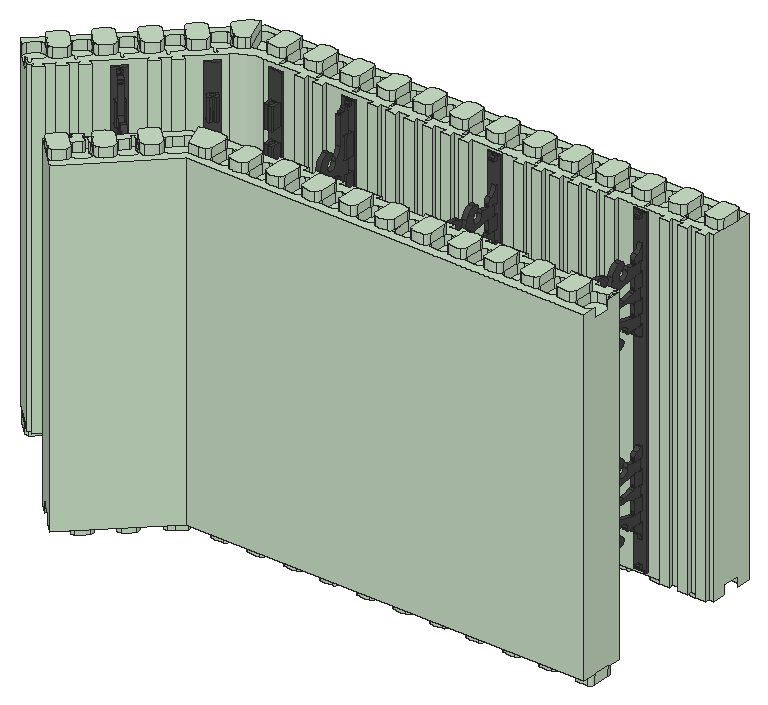
Revit family (continued)
Definition of nested family "NUDURA Logo Diamond Missing Outside Line"
  Lines and regions (mm)
    model lines
      curve 72: line (286.583, 0, 133.632) -> (300.245, 0, 119.97)
      curve 73: line (295.497, 0, 121.125) -> (284.787, 0, 131.836)
      curve 74: line (289.468, 0, 101.626) -> (295.497, 0, 107.655)
      curve 75: line (295.497, 0, 83.025) -> (289.468, 0, 89.054)
      curve 76: line (289.468, 0, 63.526) -> (295.497, 0, 69.555)
      curve 77: line (295.497, 0, 44.925) -> (289.468, 0, 50.954)
      curve 78: line (289.468, 0, 25.426) -> (295.497, 0, 31.455)
      curve 79: line (298.449, 0, 3.874) -> (289.468, 0, 12.854)
      curve 80: line (300.245, 0, 5.67) -> (291.265, 0, 14.65)
      curve 81: line (318.205, 0, 14.65) -> (309.225, 0, 5.67)
      curve 82: line (309.225, 0, 32.611) -> (318.205, 0, 23.63)
      curve 83: line (291.265, 0, 23.63) -> (300.245, 0, 32.611)
      curve 84: arc (289.468, 0, 12.854) -> (286.865, 0, 19.14) -> (289.468, 0, 25.426) r 8.89
      curve 85: arc (298.449, 0, 3.874) -> (304.735, 0, 1.27) -> (311.021, 0, 3.874) r 8.89
      curve 86: arc (291.265, 0, 14.65) -> (289.405, 0, 19.14) -> (291.265, 0, 23.63) r 6.35
      curve 87: arc (318.205, 0, 14.65) -> (320.065, 0, 19.14) -> (318.205, 0, 23.63) r 6.35
      curve 88: arc (309.225, 0, 32.611) -> (304.735, 0, 34.471) -> (300.245, 0, 32.611) r 6.35
      curve 89: arc (300.245, 0, 5.67) -> (304.735, 0, 3.81) -> (309.225, 0, 5.67) r 6.35
      curve 90: arc (320.001, 0, 12.854) -> (322.605, 0, 19.14) -> (320.001, 0, 25.426) r 8.89
      curve 91: arc (295.497, 0, 31.455) -> (298.287, 0, 38.19) -> (295.497, 0, 44.925) r 9.525
      curve 92: arc (313.973, 0, 31.455) -> (311.183, 0, 38.19) -> (313.973, 0, 44.925) r 9.525
      curve 93: line (313.973, 0, 69.555) -> (320.001, 0, 63.526)
      curve 94: line (289.468, 0, 63.526) -> (295.497, 0, 69.555)
      curve 95: line (300.245, 0, 43.77) -> (291.265, 0, 52.75)
      curve 96: line (318.205, 0, 52.75) -> (309.225, 0, 43.77)
      curve 97: line (309.225, 0, 70.711) -> (318.205, 0, 61.73)
      curve 98: line (291.265, 0, 61.73) -> (300.245, 0, 70.711)
      curve 99: arc (289.468, 0, 50.954) -> (286.865, 0, 57.24) -> (289.468, 0, 63.526) r 8.89
      curve 100: arc (291.265, 0, 52.75) -> (289.405, 0, 57.24) -> (291.265, 0, 61.73) r 6.35
      curve 101: arc (318.205, 0, 52.75) -> (320.065, 0, 57.24) -> (318.205, 0, 61.73) r 6.35
      curve 102: arc (309.225, 0, 70.711) -> (304.735, 0, 72.571) -> (300.245, 0, 70.711) r 6.35
      curve 103: arc (300.245, 0, 43.77) -> (304.735, 0, 41.91) -> (309.225, 0, 43.77) r 6.35
      curve 104: arc (320.001, 0, 50.954) -> (322.605, 0, 57.24) -> (320.001, 0, 63.526) r 8.89
      curve 105: line (295.497, 0, 44.925) -> (289.468, 0, 50.954)
      curve 106: line (320.001, 0, 50.954) -> (313.973, 0, 44.925)
      curve 107: arc (295.497, 0, 69.555) -> (298.287, 0, 76.29) -> (295.497, 0, 83.025) r 9.525
      curve 108: arc (313.973, 0, 69.555) -> (311.183, 0, 76.29) -> (313.973, 0, 83.025) r 9.525
      curve 109: line (313.973, 0, 107.655) -> (320.001, 0, 101.626)
      curve 110: line (289.468, 0, 101.626) -> (295.497, 0, 107.655)
      curve 111: line (300.245, 0, 81.87) -> (291.265, 0, 90.85)
      curve 112: line (318.205, 0, 90.85) -> (309.225, 0, 81.87)
      curve 113: line (309.225, 0, 108.811) -> (318.205, 0, 99.83)
      curve 114: line (291.265, 0, 99.83) -> (300.245, 0, 108.811)
      curve 115: arc (289.468, 0, 89.054) -> (286.865, 0, 95.34) -> (289.468, 0, 101.626) r 8.89
      curve 116: arc (291.265, 0, 90.85) -> (289.405, 0, 95.34) -> (291.265, 0, 99.83) r 6.35
      curve 117: arc (318.205, 0, 90.85) -> (320.065, 0, 95.34) -> (318.205, 0, 99.83) r 6.35
      curve 118: arc (309.225, 0, 108.811) -> (304.735, 0, 110.671) -> (300.245, 0, 108.811) r 6.35
      curve 119: arc (300.245, 0, 81.87) -> (304.735, 0, 80.01) -> (309.225, 0, 81.87) r 6.35
      curve 120: arc (320.001, 0, 89.054) -> (322.605, 0, 95.34) -> (320.001, 0, 101.626) r 8.89
      curve 121: line (295.497, 0, 83.025) -> (289.468, 0, 89.054)
      curve 122: arc (295.497, 0, 107.655) -> (298.287, 0, 114.39) -> (295.497, 0, 121.125) r 9.525
      curve 123: arc (313.973, 0, 107.655) -> (311.183, 0, 114.39) -> (313.973, 0, 121.125) r 9.525
      curve 124: line (324.683, 0, 131.836) -> (313.973, 0, 121.125)
      curve 125: line (284.787, 0, 131.836) -> (286.583, 0, 133.632)
      curve 126: arc (300.245, 0, 119.97) -> (304.735, 0, 118.11) -> (309.225, 0, 119.97) r 6.35
      curve 127: line (314.26, 0, 317.59) -> (295.21, 0, 317.59)
      curve 128: line (323.785, 0, 149.315) -> (323.785, 0, 308.065)
      curve 129: line (285.685, 0, 308.065) -> (285.685, 0, 149.315)
      curve 130: line (295.21, 0, 139.79) -> (314.26, 0, 139.79)
      curve 131: line (316.797, 0, 304.89) -> (305.798, 0, 311.24)
      curve 132: line (316.797, 0, 292.19) -> (316.797, 0, 304.89)
      curve 133: line (311.298, 0, 289.015) -> (316.797, 0, 292.19)
      curve 134: line (305.373, 0, 292.436) -> (311.298, 0, 289.015)
      curve 135: line (310.447, 0, 295.365) -> (305.373, 0, 292.436)
      curve 136: line (299.874, 0, 307.82) -> (310.447, 0, 301.715)
      curve 137: line (310.447, 0, 301.715) -> (310.447, 0, 295.365)
      curve 138: line (305.798, 0, 311.24) -> (299.874, 0, 307.82)
      curve 139: line (299.023, 0, 295.611) -> (304.097, 0, 298.54)
      curve 140: line (304.097, 0, 298.54) -> (298.172, 0, 301.961)
      curve 141: line (298.172, 0, 301.961) -> (292.673, 0, 298.786)
      curve 142: line (292.673, 0, 298.786) -> (292.673, 0, 286.086)
      curve 143: line (299.023, 0, 289.261) -> (299.023, 0, 295.611)
      curve 144: line (309.596, 0, 283.156) -> (299.023, 0, 289.261)
      curve 145: line (303.671, 0, 279.736) -> (309.596, 0, 283.156)
      curve 146: line (292.673, 0, 286.086) -> (303.671, 0, 279.736)
      curve 147: line (312.702, 0, 269.344) -> (296.768, 0, 272.912)
      curve 148: line (296.768, 0, 272.912) -> (296.768, 0, 267.036)
      curve 149: line (296.768, 0, 267.036) -> (308.089, 0, 264.517)
      curve 150: line (308.089, 0, 264.517) -> (296.768, 0, 260.949)
      curve 151: line (296.768, 0, 260.949) -> (296.768, 0, 251.084)
      curve 152: line (296.768, 0, 251.084) -> (309.138, 0, 248.314)
      curve 153: line (309.138, 0, 248.314) -> (309.138, 0, 247.516)
      curve 154: line (309.138, 0, 247.516) -> (301.281, 0, 248.991)
      curve 155: line (296.768, 0, 245.246) -> (296.768, 0, 237.71)
      curve 156: line (306.598, 0, 222.094) -> (306.598, 0, 228.599)
      curve 157: line (306.598, 0, 228.599) -> (296.768, 0, 230.786)
      curve 158: line (296.768, 0, 230.786) -> (296.768, 0, 215.343)
      curve 159: line (302.723, 0, 230.274) -> (312.702, 0, 228.039)
      curve 160: line (300.341, 0, 217.291) -> (300.341, 0, 223.486)
      curve 161: line (300.341, 0, 223.486) -> (306.598, 0, 222.094)
      curve 162: line (296.768, 0, 205.027) -> (296.768, 0, 197.49)
      curve 163: line (302.723, 0, 190.055) -> (310.162, 0, 188.389)
      curve 164: line (310.162, 0, 188.389) -> (310.162, 0, 176.633)
      curve 165: line (308.892, 0, 175.363) -> (307.868, 0, 175.363)
      curve 166: line (306.598, 0, 176.633) -> (306.598, 0, 180.004)
      curve 167: line (306.598, 0, 180.004) -> (307.868, 0, 179.719)
      curve 168: line (307.868, 0, 179.719) -> (307.868, 0, 186.3)
      curve 169: line (307.868, 0, 186.3) -> (296.768, 0, 188.785)
      curve 170: line (296.768, 0, 188.785) -> (296.768, 0, 182.205)
      curve 171: line (296.768, 0, 182.205) -> (304.058, 0, 180.572)
      curve 172: line (304.058, 0, 180.572) -> (304.058, 0, 177.654)
      curve 173: line (302.788, 0, 176.384) -> (296.768, 0, 176.384)
      curve 174: line (296.768, 0, 176.384) -> (296.768, 0, 164.003)
      curve 175: line (296.768, 0, 164.003) -> (299.284, 0, 162.219)
      curve 176: line (299.284, 0, 162.219) -> (299.284, 0, 153.715)
      curve 177: line (307.942, 0, 156.079) -> (301.824, 0, 160.418)
      curve 178: line (301.824, 0, 160.418) -> (301.824, 0, 154.409)
      curve 179: line (301.824, 0, 154.409) -> (307.942, 0, 156.079)
      curve 180: line (299.284, 0, 153.715) -> (296.768, 0, 153.028)
      curve 181: line (296.768, 0, 153.028) -> (296.768, 0, 146.14)
      curve 182: line (296.768, 0, 146.14) -> (312.702, 0, 150.491)
      curve 183: line (312.702, 0, 150.491) -> (312.702, 0, 159.713)
      curve 184: line (312.702, 0, 159.713) -> (298.767, 0, 169.594)
      curve 185: line (298.767, 0, 169.594) -> (302.342, 0, 169.594)
      curve 186: line (312.702, 0, 172.383) -> (312.702, 0, 193.945)
      curve 187: line (312.702, 0, 193.945) -> (302.326, 0, 196.268)
      curve 188: line (300.341, 0, 198.747) -> (300.341, 0, 201.381)
      curve 189: line (301.888, 0, 202.62) -> (312.702, 0, 200.199)
      curve 190: line (312.702, 0, 200.199) -> (312.702, 0, 206.628)
      curve 191: line (312.702, 0, 206.628) -> (306.843, 0, 207.728)
      curve 192: line (312.702, 0, 212.942) -> (312.702, 0, 227.241)
      curve 193: line (312.702, 0, 227.241) -> (309.138, 0, 228.034)
      curve 194: line (309.138, 0, 228.034) -> (309.138, 0, 217.291)
      curve 195: line (312.702, 0, 228.039) -> (312.702, 0, 234.164)
      curve 196: line (312.702, 0, 234.164) -> (302.326, 0, 236.488)
      curve 197: line (300.341, 0, 238.966) -> (300.341, 0, 241.6)
      curve 198: line (301.736, 0, 242.874) -> (312.702, 0, 240.418)
      curve 199: line (312.702, 0, 240.418) -> (312.702, 0, 253.611)
      curve 200: line (312.702, 0, 253.611) -> (302.429, 0, 255.912)
      curve 201: line (302.429, 0, 255.912) -> (312.702, 0, 259.27)
      curve 202: line (312.702, 0, 259.27) -> (312.702, 0, 269.344)
      curve 203: arc (296.768, 0, 245.246) -> (298.145, 0, 248.178) -> (301.281, 0, 248.991) r 3.81
      curve 204: arc (296.768, 0, 237.71) -> (298.44, 0, 232.946) -> (302.723, 0, 230.274) r 7.62
      curve 205: arc (300.842, 0, 208.826) -> (297.87, 0, 211.5) -> (296.768, 0, 215.343) r 7.251
      curve 206: arc (296.768, 0, 205.027) -> (297.979, 0, 207.812) -> (300.842, 0, 208.826) r 3.808
      curve 207: arc (296.768, 0, 197.49) -> (298.44, 0, 192.727) -> (302.723, 0, 190.055) r 7.62
      curve 208: arc (300.341, 0, 198.747) -> (300.898, 0, 197.159) -> (302.326, 0, 196.268) r 2.54
      curve 209: arc (300.341, 0, 201.381) -> (300.817, 0, 202.372) -> (301.888, 0, 202.62) r 1.27
      curve 210: arc (307.868, 0, 175.363) -> (306.969, 0, 175.735) -> (306.598, 0, 176.633) r 1.27
      curve 211: arc (308.892, 0, 175.363) -> (309.79, 0, 175.735) -> (310.162, 0, 176.633) r 1.27
      curve 212: arc (304.058, 0, 177.654) -> (303.686, 0, 176.756) -> (302.788, 0, 176.384) r 1.27
      curve 213: arc (302.342, 0, 169.594) -> (303.976, 0, 170.198) -> (304.826, 0, 171.718) r 2.516
      curve 214: arc (304.826, 0, 171.718) -> (309.07, 0, 168.432) -> (312.702, 0, 172.383) r 3.966
      curve 215: arc (306.843, 0, 207.728) -> (310.942, 0, 209.02) -> (312.702, 0, 212.942) r 5.249
      curve 216: arc (300.341, 0, 217.291) -> (304.739, 0, 212.893) -> (309.138, 0, 217.291) r 4.398
      curve 217: arc (300.341, 0, 238.966) -> (300.898, 0, 237.378) -> (302.326, 0, 236.488) r 2.54
      curve 218: arc (300.341, 0, 241.6) -> (300.886, 0, 242.648) -> (302.057, 0, 242.802) r 1.279
      curve 219: arc (285.685, 0, 308.065) -> (288.475, 0, 314.8) -> (295.21, 0, 317.59) r 9.525
      curve 220: arc (314.26, 0, 317.59) -> (320.995, 0, 314.8) -> (323.785, 0, 308.065) r 9.525
      curve 221: arc (285.685, 0, 149.315) -> (288.475, 0, 142.58) -> (295.21, 0, 139.79) r 9.525
      curve 222: arc (314.26, 0, 139.79) -> (320.995, 0, 142.58) -> (323.785, 0, 149.315) r 9.525
      curve 223: line (253.935, 0, 457.2) -> (253.935, 0, 0)
      curve 224: line (355.535, 0, 457.2) -> (355.535, 0, 0)
Definition of nested family "NUDURA Diamond Pattern Missing Two Lines"
  Reference planes
    plane 1 "Center (Front/Back)": y = 0
    plane 2: z = 0
    plane 3 "Center (Left/Right)": x = 0
    plane 4: z = 457.2
  Lines and regions (mm)
    model lines
      curve 1: line (50.8, -142.875, 457.2) -> (50.8, -142.875, 0)
      curve 2: line (85.183, -142.875, 431.415) -> (93.906, -142.875, 422.692)
      curve 3: arc (85.183, -142.875, 444.885) -> (82.394, -142.875, 438.15) -> (85.183, -142.875, 431.415) r 9.525
      curve 4: line (94.708, -142.875, 454.41) -> (85.183, -142.875, 444.885)
      curve 5: arc (108.179, -142.875, 454.41) -> (101.444, -142.875, 457.2) -> (94.708, -142.875, 454.41) r 9.525
      curve 6: line (117.704, -142.875, 444.885) -> (108.179, -142.875, 454.41)
      curve 7: arc (117.704, -142.875, 431.415) -> (120.494, -142.875, 438.15) -> (117.704, -142.875, 444.885) r 9.525
      curve 8: line (108.981, -142.875, 422.692) -> (117.704, -142.875, 431.415)
      curve 9: arc (105.934, -142.875, 452.165) -> (101.444, -142.875, 454.025) -> (96.953, -142.875, 452.165) r 6.35
      curve 10: line (115.459, -142.875, 442.64) -> (105.934, -142.875, 452.165)
      curve 11: arc (115.459, -142.875, 433.66) -> (117.319, -142.875, 438.15) -> (115.459, -142.875, 442.64) r 6.35
      curve 12: line (105.934, -142.875, 424.135) -> (115.459, -142.875, 433.66)
      curve 13: arc (96.953, -142.875, 424.135) -> (101.444, -142.875, 422.275) -> (105.934, -142.875, 424.135) r 6.35
      curve 14: line (87.428, -142.875, 433.66) -> (96.953, -142.875, 424.135)
      curve 15: arc (87.428, -142.875, 442.64) -> (85.569, -142.875, 438.15) -> (87.428, -142.875, 433.66) r 6.35
      curve 16: line (96.953, -142.875, 452.165) -> (87.428, -142.875, 442.64)
      curve 17: arc (93.906, -142.875, 415.508) -> (95.394, -142.875, 419.1) -> (93.906, -142.875, 422.692) r 5.08
      curve 18: line (117.704, -142.875, 406.785) -> (108.981, -142.875, 415.508)
      curve 19: arc (117.704, -142.875, 393.315) -> (120.494, -142.875, 400.05) -> (117.704, -142.875, 406.785) r 9.525
      curve 20: line (108.981, -142.875, 384.592) -> (117.704, -142.875, 393.315)
      curve 21: line (85.183, -142.875, 393.315) -> (93.906, -142.875, 384.592)
      curve 22: arc (85.183, -142.875, 406.785) -> (82.394, -142.875, 400.05) -> (85.183, -142.875, 393.315) r 9.525
      curve 23: line (93.906, -142.875, 415.508) -> (85.183, -142.875, 406.785)
      curve 24: arc (105.934, -142.875, 414.065) -> (101.444, -142.875, 415.925) -> (96.953, -142.875, 414.065) r 6.35
      curve 25: line (96.953, -142.875, 414.065) -> (87.428, -142.875, 404.54)
      curve 26: arc (87.428, -142.875, 404.54) -> (85.569, -142.875, 400.05) -> (87.428, -142.875, 395.56) r 6.35
      curve 27: line (87.428, -142.875, 395.56) -> (96.953, -142.875, 386.035)
      curve 28: arc (96.953, -142.875, 386.035) -> (101.444, -142.875, 384.175) -> (105.934, -142.875, 386.035) r 6.35
      curve 29: line (105.934, -142.875, 386.035) -> (115.459, -142.875, 395.56)
      curve 30: arc (115.459, -142.875, 395.56) -> (117.319, -142.875, 400.05) -> (115.459, -142.875, 404.54) r 6.35
      curve 31: line (115.459, -142.875, 404.54) -> (105.934, -142.875, 414.065)
      curve 32: arc (93.906, -142.875, 377.408) -> (95.394, -142.875, 381) -> (93.906, -142.875, 384.592) r 5.08
      curve 33: line (117.704, -142.875, 368.685) -> (108.981, -142.875, 377.408)
      curve 34: arc (117.704, -142.875, 355.215) -> (120.494, -142.875, 361.95) -> (117.704, -142.875, 368.685) r 9.525
      curve 35: line (108.981, -142.875, 346.492) -> (117.704, -142.875, 355.215)
      curve 36: line (85.183, -142.875, 355.215) -> (93.906, -142.875, 346.492)
      curve 37: arc (85.183, -142.875, 368.685) -> (82.394, -142.875, 361.95) -> (85.183, -142.875, 355.215) r 9.525
      curve 38: line (93.906, -142.875, 377.408) -> (85.183, -142.875, 368.685)
      curve 39: arc (105.934, -142.875, 375.965) -> (101.444, -142.875, 377.825) -> (96.953, -142.875, 375.965) r 6.35
      curve 40: line (96.953, -142.875, 375.965) -> (87.428, -142.875, 366.44)
      curve 41: arc (87.428, -142.875, 366.44) -> (85.569, -142.875, 361.95) -> (87.428, -142.875, 357.46) r 6.35
      curve 42: line (87.428, -142.875, 357.46) -> (96.953, -142.875, 347.935)
      curve 43: arc (96.953, -142.875, 347.935) -> (101.444, -142.875, 346.075) -> (105.934, -142.875, 347.935) r 6.35
      curve 44: line (105.934, -142.875, 347.935) -> (115.459, -142.875, 357.46)
      curve 45: arc (115.459, -142.875, 357.46) -> (117.319, -142.875, 361.95) -> (115.459, -142.875, 366.44) r 6.35
      curve 46: line (115.459, -142.875, 366.44) -> (105.934, -142.875, 375.965)
      curve 47: arc (93.906, -142.875, 339.308) -> (95.394, -142.875, 342.9) -> (93.906, -142.875, 346.492) r 5.08
      curve 48: line (117.704, -142.875, 330.585) -> (108.981, -142.875, 339.308)
      curve 49: arc (117.704, -142.875, 317.115) -> (120.494, -142.875, 323.85) -> (117.704, -142.875, 330.585) r 9.525
      curve 50: line (108.981, -142.875, 308.392) -> (117.704, -142.875, 317.115)
      curve 51: line (85.183, -142.875, 317.115) -> (93.906, -142.875, 308.392)
      curve 52: arc (85.183, -142.875, 330.585) -> (82.394, -142.875, 323.85) -> (85.183, -142.875, 317.115) r 9.525
      curve 53: line (93.906, -142.875, 339.308) -> (85.183, -142.875, 330.585)
      curve 54: arc (105.934, -142.875, 337.865) -> (101.444, -142.875, 339.725) -> (96.953, -142.875, 337.865) r 6.35
      curve 55: line (96.953, -142.875, 337.865) -> (87.428, -142.875, 328.34)
      curve 56: arc (87.428, -142.875, 328.34) -> (85.569, -142.875, 323.85) -> (87.428, -142.875, 319.36) r 6.35
      curve 57: line (87.428, -142.875, 319.36) -> (96.953, -142.875, 309.835)
      curve 58: arc (96.953, -142.875, 309.835) -> (101.444, -142.875, 307.975) -> (105.934, -142.875, 309.835) r 6.35
      curve 59: line (105.934, -142.875, 309.835) -> (115.459, -142.875, 319.36)
      curve 60: arc (115.459, -142.875, 319.36) -> (117.319, -142.875, 323.85) -> (115.459, -142.875, 328.34) r 6.35
      curve 61: line (115.459, -142.875, 328.34) -> (105.934, -142.875, 337.865)
      curve 62: arc (93.906, -142.875, 301.208) -> (95.394, -142.875, 304.8) -> (93.906, -142.875, 308.392) r 5.08
      curve 63: line (117.704, -142.875, 292.485) -> (108.981, -142.875, 301.208)
      curve 64: arc (117.704, -142.875, 279.015) -> (120.494, -142.875, 285.75) -> (117.704, -142.875, 292.485) r 9.525
      curve 65: line (108.981, -142.875, 270.292) -> (117.704, -142.875, 279.015)
      curve 66: line (85.183, -142.875, 279.015) -> (93.906, -142.875, 270.292)
      curve 67: arc (85.183, -142.875, 292.485) -> (82.394, -142.875, 285.75) -> (85.183, -142.875, 279.015) r 9.525
      curve 68: line (93.906, -142.875, 301.208) -> (85.183, -142.875, 292.485)
      curve 69: arc (105.934, -142.875, 299.765) -> (101.444, -142.875, 301.625) -> (96.953, -142.875, 299.765) r 6.35
      curve 70: line (96.953, -142.875, 299.765) -> (87.428, -142.875, 290.24)
      curve 71: arc (87.428, -142.875, 290.24) -> (85.569, -142.875, 285.75) -> (87.428, -142.875, 281.26) r 6.35
      curve 72: line (87.428, -142.875, 281.26) -> (96.953, -142.875, 271.735)
      curve 73: arc (96.953, -142.875, 271.735) -> (101.444, -142.875, 269.875) -> (105.934, -142.875, 271.735) r 6.35
      curve 74: line (105.934, -142.875, 271.735) -> (115.459, -142.875, 281.26)
      curve 75: arc (115.459, -142.875, 281.26) -> (117.319, -142.875, 285.75) -> (115.459, -142.875, 290.24) r 6.35
      curve 76: line (115.459, -142.875, 290.24) -> (105.934, -142.875, 299.765)
      curve 77: arc (93.906, -142.875, 263.108) -> (95.394, -142.875, 266.7) -> (93.906, -142.875, 270.292) r 5.08
      curve 78: line (117.704, -142.875, 254.385) -> (108.981, -142.875, 263.108)
      curve 79: arc (117.704, -142.875, 240.915) -> (120.494, -142.875, 247.65) -> (117.704, -142.875, 254.385) r 9.525
      curve 80: line (108.981, -142.875, 232.192) -> (117.704, -142.875, 240.915)
      curve 81: line (85.183, -142.875, 240.915) -> (93.906, -142.875, 232.192)
      curve 82: arc (85.183, -142.875, 254.385) -> (82.394, -142.875, 247.65) -> (85.183, -142.875, 240.915) r 9.525
      curve 83: line (93.906, -142.875, 263.108) -> (85.183, -142.875, 254.385)
      curve 84: arc (105.934, -142.875, 261.665) -> (101.444, -142.875, 263.525) -> (96.953, -142.875, 261.665) r 6.35
      curve 85: line (96.953, -142.875, 261.665) -> (87.428, -142.875, 252.14)
      curve 86: arc (87.428, -142.875, 252.14) -> (85.569, -142.875, 247.65) -> (87.428, -142.875, 243.16) r 6.35
      curve 87: line (87.428, -142.875, 243.16) -> (96.953, -142.875, 233.635)
      curve 88: arc (96.953, -142.875, 233.635) -> (101.444, -142.875, 231.775) -> (105.934, -142.875, 233.635) r 6.35
      curve 89: line (105.934, -142.875, 233.635) -> (115.459, -142.875, 243.16)
      curve 90: arc (115.459, -142.875, 243.16) -> (117.319, -142.875, 247.65) -> (115.459, -142.875, 252.14) r 6.35
      curve 91: line (115.459, -142.875, 252.14) -> (105.934, -142.875, 261.665)
      curve 92: arc (93.906, -142.875, 225.008) -> (95.394, -142.875, 228.6) -> (93.906, -142.875, 232.192) r 5.08
      curve 93: line (117.704, -142.875, 216.285) -> (108.981, -142.875, 225.008)
      curve 94: arc (117.704, -142.875, 202.815) -> (120.494, -142.875, 209.55) -> (117.704, -142.875, 216.285) r 9.525
      curve 95: line (108.981, -142.875, 194.092) -> (117.704, -142.875, 202.815)
      curve 96: line (85.183, -142.875, 202.815) -> (93.906, -142.875, 194.092)
      curve 97: arc (85.183, -142.875, 216.285) -> (82.394, -142.875, 209.55) -> (85.183, -142.875, 202.815) r 9.525
      curve 98: line (93.906, -142.875, 225.008) -> (85.183, -142.875, 216.285)
      curve 99: arc (105.934, -142.875, 223.565) -> (101.444, -142.875, 225.425) -> (96.953, -142.875, 223.565) r 6.35
      curve 100: line (96.953, -142.875, 223.565) -> (87.428, -142.875, 214.04)
      curve 101: arc (87.428, -142.875, 214.04) -> (85.569, -142.875, 209.55) -> (87.428, -142.875, 205.06) r 6.35
      curve 102: line (87.428, -142.875, 205.06) -> (96.953, -142.875, 195.535)
      curve 103: arc (96.953, -142.875, 195.535) -> (101.444, -142.875, 193.675) -> (105.934, -142.875, 195.535) r 6.35
      curve 104: line (105.934, -142.875, 195.535) -> (115.459, -142.875, 205.06)
      curve 105: arc (115.459, -142.875, 205.06) -> (117.319, -142.875, 209.55) -> (115.459, -142.875, 214.04) r 6.35
      curve 106: line (115.459, -142.875, 214.04) -> (105.934, -142.875, 223.565)
      curve 107: arc (93.906, -142.875, 186.908) -> (95.394, -142.875, 190.5) -> (93.906, -142.875, 194.092) r 5.08
      curve 108: line (117.704, -142.875, 178.185) -> (108.981, -142.875, 186.908)
      curve 109: arc (117.704, -142.875, 164.715) -> (120.494, -142.875, 171.45) -> (117.704, -142.875, 178.185) r 9.525
      curve 110: line (108.981, -142.875, 155.992) -> (117.704, -142.875, 164.715)
      curve 111: line (85.183, -142.875, 164.715) -> (93.906, -142.875, 155.992)
      curve 112: arc (85.183, -142.875, 178.185) -> (82.394, -142.875, 171.45) -> (85.183, -142.875, 164.715) r 9.525
      curve 113: line (93.906, -142.875, 186.908) -> (85.183, -142.875, 178.185)
      curve 114: arc (105.934, -142.875, 185.465) -> (101.444, -142.875, 187.325) -> (96.953, -142.875, 185.465) r 6.35
      curve 115: line (96.953, -142.875, 185.465) -> (87.428, -142.875, 175.94)
      curve 116: arc (87.428, -142.875, 175.94) -> (85.569, -142.875, 171.45) -> (87.428, -142.875, 166.96) r 6.35
      curve 117: line (87.428, -142.875, 166.96) -> (96.953, -142.875, 157.435)
      curve 118: arc (96.953, -142.875, 157.435) -> (101.444, -142.875, 155.575) -> (105.934, -142.875, 157.435) r 6.35
      curve 119: line (105.934, -142.875, 157.435) -> (115.459, -142.875, 166.96)
      curve 120: arc (115.459, -142.875, 166.96) -> (117.319, -142.875, 171.45) -> (115.459, -142.875, 175.94) r 6.35
      curve 121: line (115.459, -142.875, 175.94) -> (105.934, -142.875, 185.465)
      curve 122: arc (93.906, -142.875, 148.808) -> (95.394, -142.875, 152.4) -> (93.906, -142.875, 155.992) r 5.08
      curve 123: line (117.704, -142.875, 140.085) -> (108.981, -142.875, 148.808)
      curve 124: arc (117.704, -142.875, 126.615) -> (120.494, -142.875, 133.35) -> (117.704, -142.875, 140.085) r 9.525
      curve 125: line (108.981, -142.875, 117.892) -> (117.704, -142.875, 126.615)
      curve 126: line (85.183, -142.875, 126.615) -> (93.906, -142.875, 117.892)
      curve 127: arc (85.183, -142.875, 140.085) -> (82.394, -142.875, 133.35) -> (85.183, -142.875, 126.615) r 9.525
      curve 128: line (93.906, -142.875, 148.808) -> (85.183, -142.875, 140.085)
      curve 129: arc (105.934, -142.875, 147.365) -> (101.444, -142.875, 149.225) -> (96.953, -142.875, 147.365) r 6.35
      curve 130: line (96.953, -142.875, 147.365) -> (87.428, -142.875, 137.84)
      curve 131: arc (87.428, -142.875, 137.84) -> (85.569, -142.875, 133.35) -> (87.428, -142.875, 128.86) r 6.35
      curve 132: line (87.428, -142.875, 128.86) -> (96.953, -142.875, 119.335)
      curve 133: arc (96.953, -142.875, 119.335) -> (101.444, -142.875, 117.475) -> (105.934, -142.875, 119.335) r 6.35
      curve 134: line (105.934, -142.875, 119.335) -> (115.459, -142.875, 128.86)
      curve 135: arc (115.459, -142.875, 128.86) -> (117.319, -142.875, 133.35) -> (115.459, -142.875, 137.84) r 6.35
      curve 136: line (115.459, -142.875, 137.84) -> (105.934, -142.875, 147.365)
      curve 137: arc (93.906, -142.875, 110.708) -> (95.394, -142.875, 114.3) -> (93.906, -142.875, 117.892) r 5.08
      curve 138: line (117.704, -142.875, 101.985) -> (108.981, -142.875, 110.708)
      curve 139: arc (117.704, -142.875, 88.515) -> (120.494, -142.875, 95.25) -> (117.704, -142.875, 101.985) r 9.525
      curve 140: line (108.981, -142.875, 79.792) -> (117.704, -142.875, 88.515)
      curve 141: line (85.183, -142.875, 88.515) -> (93.906, -142.875, 79.792)
      curve 142: arc (85.183, -142.875, 101.985) -> (82.394, -142.875, 95.25) -> (85.183, -142.875, 88.515) r 9.525
      curve 143: line (93.906, -142.875, 110.708) -> (85.183, -142.875, 101.985)
      curve 144: arc (105.934, -142.875, 109.265) -> (101.444, -142.875, 111.125) -> (96.953, -142.875, 109.265) r 6.35
      curve 145: line (96.953, -142.875, 109.265) -> (87.428, -142.875, 99.74)
      curve 146: arc (87.428, -142.875, 99.74) -> (85.569, -142.875, 95.25) -> (87.428, -142.875, 90.76) r 6.35
      curve 147: line (87.428, -142.875, 90.76) -> (96.953, -142.875, 81.235)
      curve 148: arc (96.953, -142.875, 81.235) -> (101.444, -142.875, 79.375) -> (105.934, -142.875, 81.235) r 6.35
      curve 149: line (105.934, -142.875, 81.235) -> (115.459, -142.875, 90.76)
      curve 150: arc (115.459, -142.875, 90.76) -> (117.319, -142.875, 95.25) -> (115.459, -142.875, 99.74) r 6.35
      curve 151: line (115.459, -142.875, 99.74) -> (105.934, -142.875, 109.265)
      curve 152: arc (93.906, -142.875, 72.608) -> (95.394, -142.875, 76.2) -> (93.906, -142.875, 79.792) r 5.08
      curve 153: line (117.704, -142.875, 63.885) -> (108.981, -142.875, 72.608)
      curve 154: arc (117.704, -142.875, 50.415) -> (120.494, -142.875, 57.15) -> (117.704, -142.875, 63.885) r 9.525
      curve 155: line (108.981, -142.875, 41.692) -> (117.704, -142.875, 50.415)
      curve 156: line (85.183, -142.875, 50.415) -> (93.906, -142.875, 41.692)
      curve 157: arc (85.183, -142.875, 63.885) -> (82.394, -142.875, 57.15) -> (85.183, -142.875, 50.415) r 9.525
      curve 158: line (93.906, -142.875, 72.608) -> (85.183, -142.875, 63.885)
      curve 159: arc (105.934, -142.875, 71.165) -> (101.444, -142.875, 73.025) -> (96.953, -142.875, 71.165) r 6.35
      curve 160: line (96.953, -142.875, 71.165) -> (87.428, -142.875, 61.64)
      curve 161: arc (87.428, -142.875, 61.64) -> (85.569, -142.875, 57.15) -> (87.428, -142.875, 52.66) r 6.35
      curve 162: line (87.428, -142.875, 52.66) -> (96.953, -142.875, 43.135)
      curve 163: arc (96.953, -142.875, 43.135) -> (101.444, -142.875, 41.275) -> (105.934, -142.875, 43.135) r 6.35
      curve 164: line (105.934, -142.875, 43.135) -> (115.459, -142.875, 52.66)
      curve 165: arc (115.459, -142.875, 52.66) -> (117.319, -142.875, 57.15) -> (115.459, -142.875, 61.64) r 6.35
      curve 166: line (115.459, -142.875, 61.64) -> (105.934, -142.875, 71.165)
      curve 167: arc (93.906, -142.875, 34.508) -> (95.394, -142.875, 38.1) -> (93.906, -142.875, 41.692) r 5.08
      curve 168: line (93.906, -142.875, 34.508) -> (85.183, -142.875, 25.785)
      curve 169: arc (85.183, -142.875, 25.785) -> (82.394, -142.875, 19.05) -> (85.183, -142.875, 12.315) r 9.525
      curve 170: line (85.183, -142.875, 12.315) -> (94.708, -142.875, 2.79)
      curve 171: arc (94.708, -142.875, 2.79) -> (101.444, -142.875, 0) -> (108.179, -142.875, 2.79) r 9.525
      curve 172: line (108.179, -142.875, 2.79) -> (117.704, -142.875, 12.315)
      curve 173: arc (117.704, -142.875, 12.315) -> (120.494, -142.875, 19.05) -> (117.704, -142.875, 25.785) r 9.525
      curve 174: line (117.704, -142.875, 25.785) -> (108.981, -142.875, 34.508)
      curve 175: arc (108.981, -142.875, 41.692) -> (107.493, -142.875, 38.1) -> (108.981, -142.875, 34.508) r 5.08
      curve 176: arc (105.934, -142.875, 33.065) -> (101.444, -142.875, 34.925) -> (96.953, -142.875, 33.065) r 6.35
      curve 177: line (115.459, -142.875, 23.54) -> (105.934, -142.875, 33.065)
      curve 178: arc (115.459, -142.875, 14.56) -> (117.319, -142.875, 19.05) -> (115.459, -142.875, 23.54) r 6.35
      curve 179: line (105.934, -142.875, 5.035) -> (115.459, -142.875, 14.56)
      curve 180: arc (96.953, -142.875, 5.035) -> (101.444, -142.875, 3.175) -> (105.934, -142.875, 5.035) r 6.35
      curve 181: line (87.428, -142.875, 14.56) -> (96.953, -142.875, 5.035)
      curve 182: arc (87.428, -142.875, 23.54) -> (85.569, -142.875, 19.05) -> (87.428, -142.875, 14.56) r 6.35
      curve 183: line (96.953, -142.875, 33.065) -> (87.428, -142.875, 23.54)
      curve 184: arc (108.981, -142.875, 79.792) -> (107.493, -142.875, 76.2) -> (108.981, -142.875, 72.608) r 5.08
      curve 185: arc (108.981, -142.875, 117.892) -> (107.493, -142.875, 114.3) -> (108.981, -142.875, 110.708) r 5.08
      curve 186: arc (108.981, -142.875, 155.992) -> (107.493, -142.875, 152.4) -> (108.981, -142.875, 148.808) r 5.08
      curve 187: arc (108.981, -142.875, 194.092) -> (107.493, -142.875, 190.5) -> (108.981, -142.875, 186.908) r 5.08
      curve 188: arc (108.981, -142.875, 232.192) -> (107.493, -142.875, 228.6) -> (108.981, -142.875, 225.008) r 5.08
      curve 189: arc (108.981, -142.875, 270.292) -> (107.493, -142.875, 266.7) -> (108.981, -142.875, 263.108) r 5.08
      curve 190: arc (108.981, -142.875, 308.392) -> (107.493, -142.875, 304.8) -> (108.981, -142.875, 301.208) r 5.08
      curve 191: arc (108.981, -142.875, 346.492) -> (107.493, -142.875, 342.9) -> (108.981, -142.875, 339.308) r 5.08
      curve 192: arc (108.981, -142.875, 384.592) -> (107.493, -142.875, 381) -> (108.981, -142.875, 377.408) r 5.08
      curve 193: arc (108.981, -142.875, 422.692) -> (107.493, -142.875, 419.1) -> (108.981, -142.875, 415.508) r 5.08
